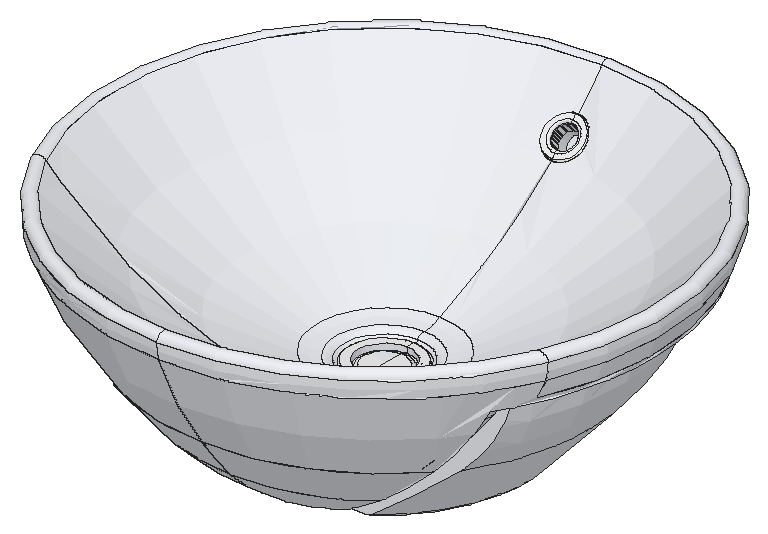
Revit family "Basin-Caroma Leda Vasque Semi-Recessed Vanity", category Plumbing Fixtures, host Face, Revit 2012
Parameters (values of type "Leda Vasque")
  Waste Radius [instance] = 30 mm
  Waste Connection = yes
  Waste = Metal-Chrome-Caroma
  Vent Connection = no
  URL = "www.caroma.com.au"
  Type Comments = "Vitreous China Semi Recessed Vanity Basin"  # constant formula
  PlumbingMaterial_ANZRS = Porcelain-White-Caroma
  Model = "661145"
  Manufacturer = "Caroma"  # constant formula
  HW Connection = no
  Description = "Leda Vasque Semi Recessed Vanity Basin"  # constant formula
  Default Elevation = 1200 mm
  CreatedBy_ANZRS = "Design Content"  # constant formula
  CreatedByURL_ANZRS = "www.designcontent.com.au"
  CW Connection = no
Reference planes
  plane 1 "Center (Front/Back)": y = 0
  plane 2: z = 0
  plane 3 "Center (Left/Right)": x = 0
  plane 4 "Back": y = 215
  plane 5 "Front": y = -215
  plane 6 "Left": x = -215
  plane 7 "Right": x = 215
  plane 8: y = 0
  plane 9 "Top": z = 35.95
  plane 10: z = -120.05
  plane 11 "Wall minimum": y = 250
  plane 12: y = -115
Forms (mm)
  Revolve 1, solid, material "Metal-Chrome-Caroma" <- "Waste", detail levels fine
    sketch origin (0, 0, -31.38) x (0, 1, 0) y (0, 0, 1)
      loop
        line (0, -53.692) -> (12.21, -53.692) -> (21.961, -48.287) -> (21.961, -45.838) -> (27.971, -45.838) -> (27.971, -45.027) -> (26.863, -44.308) -> (20.393, -44.308) -> (20.393, -48.615) -> (12.737, -52.859) -> (12.737, -49.13) -> (18.571, -49.13)
        arc (18.571, -49.13) -> (17.547, -47.846) -> (16.02, -47.244) r 3.183
        arc (16.02, -47.244) -> (8.023, -46.552) -> (0, -46.322) r 139.649
        line (0, -46.322) -> (0, -53.692)
      axis (0, -53.692) -> (0, -44.308)
    angle from 0 to 360
  Revolve 2, solid, material "Metal-Chrome-Caroma" <- "Waste", detail levels fine
    sketch origin (0, 84.414, 32.685) x (0, 0.754708, -0.656061) y (0, 0.656061, 0.754708)
      loop
        line (97.487, 41.46) -> (87.685, 42.837) -> (88.352, 47.581) -> (87.427, 47.711) -> (86.364, 46.864) -> (85.797, 42.83)
        arc (85.797, 42.83) -> (86.18, 41.348) -> (87.499, 40.571) r 2
        line (87.499, 40.571) -> (97.171, 39.212) -> (97.487, 41.46)
      axis (95.888, 30.08) -> (84.235, 31.717)
    angle from 0 to 360
  Revolve 3, void
    sketch origin (0, 92.505, 26.474) x (0, 0.755274, -0.655409) y (0, 0.655409, 0.755274)
      loop
        line (100.679, 36.597) -> (65.698, 41.513) -> (64.415, 32.381) -> (99.395, 27.465) -> (100.679, 36.597)
      axis (99.395, 27.465) -> (64.415, 32.381)
    angle from 0 to 360
  Revolve 4, solid, material "Porcelain-White-Caroma" <- "PlumbingMaterial_ANZRS"
    sketch origin (0, 0, -111.38) x (0, 1, 0) y (0, 0, 1)
      loop
        line (-105.437, -8.671) -> (-68.98, -8.671)
        arc (-68.98, -8.671) -> (-64.737, -6.914) -> (-62.98, -2.671) r 6
        line (-62.98, -2.671) -> (-62.98, 26.524)
        arc (-62.98, 26.524) -> (-61.126, 30.41) -> (-56.94, 31.415) r 5
        line (-56.94, 31.415) -> (-39.499, 27.708)
        arc (-39.499, 27.708) -> (-35.696, 25.378) -> (-34.207, 21.174) r 6.68
        line (-34.207, 21.174) -> (-34.207, -8.671) -> (-22.069, -8.671) -> (-22.069, 27.331) -> (-30.89, 35.925)
        arc (-30.89, 35.925) -> (-33.768, 37.883) -> (-37.143, 38.736) r 10
        arc (-37.143, 38.736) -> (-44.722, 39.837) -> (-52.066, 42.011) r 53.431
        arc (-52.066, 42.011) -> (-134.548, 84.695) -> (-204.756, 145.489) r 394.246
        arc (-204.756, 145.489) -> (-211.055, 147.042) -> (-214.889, 141.807) r 5.83
        arc (-214.889, 141.807) -> (-214.54, 135.398) -> (-212.971, 129.173) r 33.366
        arc (-212.971, 129.173) -> (-210.315, 122.067) -> (-207.455, 115.039) r 264.402
        arc (-207.455, 115.039) -> (-205.244, 112.377) -> (-201.931, 111.38) r 6
        line (-201.931, 111.38) -> (-195.636, 111.38)
        arc (-195.636, 111.38) -> (-193.164, 110.524) -> (-191.749, 108.324) r 4
        arc (-191.749, 108.324) -> (-178.869, 75.042) -> (-157.813, 46.229) r 136.685
        arc (-157.813, 46.229) -> (-133.556, 20.136) -> (-109.988, -6.581) r 1365.699
        arc (-109.988, -6.581) -> (-107.941, -8.124) -> (-105.437, -8.671) r 6
      axis (0, 145.489) -> (0, -8.671)
    angle from 0 to 360
  Revolve 5, solid, material "Porcelain-White-Caroma" <- "PlumbingMaterial_ANZRS"
    sketch origin (0, 1.178, -114.192) x (0, 0.999848, 0.017452) y (0, -0.017452, 0.999848)
      loop
        line (192.8, 115.488) -> (176.44, 83.087) -> (186.57, 77.973)
        arc (186.57, 77.973) -> (192.549, 96.255) -> (192.8, 115.488) r 63.726
      axis (186.57, 77.973) -> (176.44, 83.087)
    angle from 0 to 360
  Revolve 6, solid, material "Porcelain-White-Caroma" <- "PlumbingMaterial_ANZRS"
    sketch origin (0, 0, -111.38) x (0, 1, 0) y (0, 0, 1)
      loop
        line (-104.673, -8.671) -> (-68.98, -8.671)
        arc (-68.98, -8.671) -> (-64.737, -6.914) -> (-62.98, -2.671) r 6
        line (-62.98, -2.671) -> (-62.98, 26.524)
        arc (-62.98, 26.524) -> (-61.126, 30.41) -> (-56.94, 31.415) r 5
        line (-56.94, 31.415) -> (-39.499, 27.708)
        arc (-39.499, 27.708) -> (-35.696, 25.378) -> (-34.207, 21.174) r 6.68
        line (-34.207, 21.174) -> (-34.207, -8.671) -> (-22.069, -8.671) -> (-22.069, 27.331) -> (-30.89, 35.925)
        arc (-30.89, 35.925) -> (-33.768, 37.883) -> (-37.143, 38.736) r 10
        arc (-37.143, 38.736) -> (-44.722, 39.837) -> (-52.066, 42.011) r 53.431
        arc (-52.066, 42.011) -> (-134.548, 84.695) -> (-204.756, 145.489) r 394.246
        arc (-204.756, 145.489) -> (-211.055, 147.042) -> (-214.889, 141.807) r 5.83
        arc (-214.889, 141.807) -> (-214.54, 135.398) -> (-212.971, 129.173) r 33.366
        arc (-212.971, 129.173) -> (-195.818, 91.023) -> (-172.863, 56.055) r 264.402
        arc (-172.863, 56.055) -> (-159.162, 38.829) -> (-145.055, 21.933) r 928.11
        arc (-145.055, 21.933) -> (-127.686, 5.169) -> (-107.449, -7.99) r 126.466
        arc (-107.449, -7.99) -> (-106.102, -8.498) -> (-104.673, -8.671) r 6
      axis (0, 145.489) -> (0, -8.671)
    angle from 0 to 360
  Extrusion 7, void
    sketch origin (0, 0, 0) x (0, 1, 0) y (0, 0, 1)
      loop
        line (250, 0) -> (-90, 0) -> (-90, -120.05) -> (250, -120.05) -> (250, 0)
    from -300 to 300
  Extrusion 8, void
    sketch origin (0, 0, 0) x (0, 1, 0) y (0, 0, 1)
      loop
        line (-90, 54.95) -> (-228.126, 54.95) -> (-228.126, -120.05) -> (-90, -120.05) -> (-90, 54.95)
    from -300 to 300
  Extrusion 9, void
    sketch origin (0, 0, 0) x (1, 0, 0) y (0, 0, 1)
      loop
        line (-215, 0) -> (-215, -120.05) -> (215, -120.05) -> (215, 0) -> (167.382, 0)
        arc (167.382, 0) -> (160.459, -9.24) -> (153.93, -18.762) r 274.761
        arc (153.93, -18.762) -> (138.487, -38.869) -> (120.213, -56.442) r 169.193
        arc (120.213, -56.442) -> (94.932, -75.258) -> (67.866, -91.4) r 308.97
        arc (67.866, -91.4) -> (52.553, -97.667) -> (36.31, -100.821) r 84.269
        arc (36.31, -100.821) -> (18.175, -102.093) -> (0, -102.518) r 389.189
        arc (0, -102.518) -> (-18.175, -102.093) -> (-36.31, -100.821) r 389.189
        arc (-36.31, -100.821) -> (-52.553, -97.667) -> (-67.866, -91.4) r 84.269
        arc (-67.866, -91.4) -> (-94.932, -75.258) -> (-120.213, -56.442) r 308.97
        arc (-120.213, -56.442) -> (-138.487, -38.869) -> (-153.93, -18.762) r 169.193
        arc (-153.93, -18.762) -> (-160.459, -9.24) -> (-167.382, 0) r 274.761
        line (-167.382, 0) -> (-215, 0)
    from 115 to 90
  Revolve 10, void
    sketch origin (0, 0, 0) x (0, 1, 0) y (0, 0, 1)
      loop
        line (-34.207, -86.088) -> (-34.207, -120.05) -> (0, -120.05) -> (0, 0) -> (-184.682, 0)
        arc (-184.682, 0) -> (-114.114, -51.205) -> (-34.207, -86.088) r 404.246
      axis (0, -120.05) -> (0, 0)
    angle from 0 to 360
Cuts and joins
  Revolve 3, Extrusion 8 cuts Revolve 4
  Revolve 3, Extrusion 7, Extrusion 9 cuts Revolve 6
  joined: Revolve 4, Revolve 5, Revolve 6
Lines and regions (mm)
  Masking region 1
    outline origin (0, 0, 0) x (1, 0, 0) y (0, 1, 0)
      loop
        circle (0, 0) r 215
  Masking region 2
    outline origin (0, 0, -111.38) x (0, 1, 0) y (0, 0, 1)
      loop
        arc (214.666, 140.972) -> (213.044, 145.444) -> (208.677, 147.329) r 6
        line (208.677, 147.329) -> (-208.918, 147.329)
        arc (-208.918, 147.329) -> (-212.956, 145.767) -> (-214.891, 141.894) r 6
        arc (-214.891, 141.894) -> (-214.813, 136.257) -> (-213.527, 130.769) r 26.112
        arc (-213.527, 130.769) -> (-188.333, 76.777) -> (-153.085, 28.742) r 303.772
        arc (-153.085, 28.742) -> (-138.064, 14.351) -> (-121.047, 2.386) r 137.779
        arc (-121.047, 2.386) -> (-117.024, 2.344) -> (-115, 5.822) r 4
        line (-115, 5.822) -> (-115, 111.38) -> (201.56, 111.38)
        arc (201.56, 111.38) -> (210.786, 124.992) -> (214.666, 140.972) r 46.254
  Masking region 3
    outline origin (0, 0, -111.38) x (1, 0, 0) y (0, 0, 1)
      loop
        arc (-208.953, 147.38) -> (-212.999, 145.81) -> (-214.929, 141.922) r 6
        arc (-214.929, 141.922) -> (-214.843, 136.532) -> (-213.62, 131.281) r 25.363
        arc (-213.62, 131.281) -> (-209.925, 121.261) -> (-205.872, 111.38) r 297.597
        line (-205.872, 111.38) -> (-170.872, 111.38)
        arc (-170.872, 111.38) -> (0, -3.714) -> (170.872, 111.38) r 184.389
        line (170.872, 111.38) -> (205.872, 111.38)
        arc (205.872, 111.38) -> (209.925, 121.261) -> (213.62, 131.281) r 297.597
        arc (213.62, 131.281) -> (214.843, 136.532) -> (214.929, 141.922) r 25.363
        arc (214.929, 141.922) -> (212.999, 145.81) -> (208.953, 147.38) r 6
        line (208.953, 147.38) -> (-208.953, 147.38)
  symbolic lines
    curve 1: circle (0, 0, 0) r 35 normal (0, 0, 1)
    curve 2: circle (0, 0, 0) r 22.001 normal (0, 0, 1)
    curve 3: circle (0, 0, 0) r 195 normal (0, 0, 1)
    curve 4: spline (13.262, 175.27, 0) -> (12.81, 172.945, 0) -> (11.485, 170.778, 0) -> (9.378, 168.917, 0) -> (6.631, 167.489, 0) -> (3.433, 166.592, 0) -> (0, 166.286, 0) -> (-3.433, 166.592, 0) -> (-6.631, 167.489, 0) -> (-9.378, 168.917, 0) -> (-11.485, 170.778, 0) -> (-12.81, 172.945, 0) -> (-13.262, 175.27, 0) -> (-12.81, 177.595, 0) -> (-11.485, 179.762, 0) -> (-9.378, 181.623, 0) -> (-6.631, 183.05, 0) -> (-3.433, 183.948, 0) -> (0, 184.254, 0) -> (3.433, 183.948, 0) -> (6.631, 183.05, 0) -> (9.378, 181.623, 0) -> (11.485, 179.762, 0) -> (12.81, 177.595, 0) -> (13.262, 175.27, 0)
  symbolic lines, style "PlumbingFixturesHiddenLines"
    curve 5: line (0, -115, -102.518) -> (0, -90.881, -102.518)
    curve 6: line (0, -90.881, -102.518) -> (0, -88.417, -120.05)
    curve 7: line (0, -88.417, -120.05) -> (0, 108.414, -120.05)
    curve 8: line (0, 108.414, -120.05) -> (0, 119.042, -105.947)
    curve 9: arc (0, 119.042, -105.947) -> (0, 138.054, -82.466) -> (0, 158.653, -60.365) r 433.809
    curve 10: arc (0, 158.653, -60.365) -> (0, 167.187, -52.585) -> (0, 176.406, -45.632) r 124.212
    curve 11: arc (0, 176.406, -45.632) -> (0, 185.603, -35.33) -> (0, 188.943, -21.931) r 28.781
    curve 12: arc (0, 188.943, -21.931) -> (0, 189.517, -10.909) -> (0, 191.189, 0) r 110.353
Dimensions and locks
  equal spacing: plane 6 "Left", plane 3 "Center (Left/Right)", plane 7 "Right"
  plane 6 "Left" to plane 7 "Right" = 430 mm
  equal spacing: plane 4 "Back", plane 1 "Center (Front/Back)", plane 5 "Front"
  plane 5 "Front" to plane 4 "Back" = 430 mm
  plane 9 "Top" to plane 10 = 156 mm
  aligned and locked: plane 2 to host face
  aligned and locked: level to host face
Automatic sketch dimensions
  host sketch curve to host sketch curve = 2438.4 mm  (x2)
  Revolve 1 sketch curve to plane 8 = 0 mm  (x2)
  Revolve 1 sketch curve to Revolve 1 sketch curve = 12.21 mm
  Revolve 1 sketch curve to Revolve 1 sketch curve = 0.528 mm
  Revolve 1 sketch curve to Revolve 1 sketch curve = 2.918 mm
  Revolve 1 sketch curve to Revolve 1 sketch curve = 0.365 mm
  Revolve 1 sketch curve to Revolve 1 sketch curve = 0 mm  (x3)
  Revolve 1 sketch curve to Revolve 1 sketch curve = 2.551 mm
  Revolve 1 sketch curve to Revolve 1 sketch curve = 1.822 mm
  Revolve 1 sketch curve to Revolve 1 sketch curve = 1.568 mm
  Revolve 1 sketch curve to Revolve 1 sketch curve = 4.902 mm
  Revolve 1 sketch curve to Revolve 1 sketch curve = 1.107 mm
  Revolve 1 sketch curve to level = 217.351 mm
  Revolve 1 sketch curve to level = 85.072 mm
  Revolve 1 sketch curve to Revolve 1 sketch curve = 0.833 mm
  Revolve 1 sketch curve to Revolve 1 sketch curve = 2.453 mm
  Revolve 1 sketch curve to Revolve 1 sketch curve = 0.515 mm
  Revolve 1 sketch curve to Revolve 1 sketch curve = 0.328 mm
  Revolve 1 sketch curve to Revolve 1 sketch curve = 2.449 mm
  Revolve 1 sketch curve to Revolve 1 sketch curve = 0.811 mm
  Revolve 1 sketch curve to Revolve 1 sketch curve = 0.719 mm
  plane 1 "Center (Front/Back)" to Masking region 1 sketch curve = 0 mm
  Masking region 1 sketch curve to plane 3 "Center (Left/Right)" = 0 mm
  curve 1 to curve 2 = 0 mm  (x2)
  curve 1 to curve 3 = 0 mm  (x2)
  curve 2 to curve 3 = 0 mm  (x2)
  plane 1 "Center (Front/Back)" to curve 2 = 0 mm
  curve 2 to plane 3 "Center (Left/Right)" = 0 mm
  curve 4 to plane 3 "Center (Left/Right)" = 0 mm
  plane 3 "Center (Left/Right)" to curve 4 = 13.262 mm
  curve 4 to plane 4 "Back" = 39.73 mm
  plane 10 to Revolve 6 sketch curve = 0 mm  (x2)
  Revolve 6 sketch curve to plane 1 "Center (Front/Back)" = 0 mm
  Revolve 6 sketch curve to plane 9 "Top" = 0 mm
  plane 1 "Center (Front/Back)" to Revolve 6 sketch curve = 22.069 mm
  Revolve 6 sketch curve to Revolve 6 sketch curve = 8.821 mm
  plane 1 "Center (Front/Back)" to Revolve 6 sketch curve = 33.269 mm
  Revolve 6 sketch curve to Revolve 6 sketch curve = 12.138 mm
  Revolve 6 sketch curve to Revolve 6 sketch curve = 6.253 mm
  Revolve 6 sketch curve to Revolve 6 sketch curve = 0 mm  (x7)
  Revolve 6 sketch curve to Revolve 6 sketch curve = 3.661 mm
  Revolve 6 sketch curve to Revolve 6 sketch curve = 1.63 mm
  Revolve 6 sketch curve to Revolve 6 sketch curve = 1.389 mm
  Revolve 6 sketch curve to level = 7.25 mm
  Revolve 6 sketch curve to Revolve 6 sketch curve = 15.674 mm
  Revolve 6 sketch curve to Revolve 6 sketch curve = 14.923 mm
  Revolve 6 sketch curve to Revolve 6 sketch curve = 4.874 mm
  Revolve 6 sketch curve to Revolve 6 sketch curve = 1.04 mm
  Revolve 6 sketch curve to Revolve 6 sketch curve = 5 mm
  Revolve 6 sketch curve to Revolve 6 sketch curve = 6 mm
  Revolve 6 sketch curve to plane 12 = 10.327 mm
  Revolve 6 sketch curve to plane 10 = 0.681 mm
  Revolve 6 sketch curve to Revolve 6 sketch curve = 2.776 mm
  plane 12 to Revolve 6 sketch curve = 30.055 mm
  Revolve 6 sketch curve to plane 5 "Front" = 42.137 mm
  Revolve 6 sketch curve to plane 9 "Top" = 6.923 mm
  Revolve 6 sketch curve to plane 5 "Front" = 33.448 mm
  Revolve 6 sketch curve to plane 9 "Top" = 1.84 mm
  Revolve 6 sketch curve to plane 5 "Front" = 10.244 mm
  Revolve 6 sketch curve to plane 9 "Top" = 5.767 mm
  Revolve 6 sketch curve to Revolve 6 sketch curve = 4.309 mm
  Revolve 6 sketch curve to Revolve 6 sketch curve = 1.918 mm
  Revolve 6 sketch curve to plane 1 "Center (Front/Back)" = 86.629 mm
  plane 10 to Revolve 6 sketch curve = 14 mm
  Revolve 6 sketch curve to Revolve 6 sketch curve = 7.589 mm
  Revolve 6 sketch curve to Revolve 6 sketch curve = 15.486 mm
  Revolve 6 sketch curve to Revolve 6 sketch curve = 8.594 mm
  Extrusion 7 sketch curve to level = 0 mm
  Extrusion 7 sketch curve to plane 12 = 25 mm
  plane 10 to Extrusion 7 sketch curve = 0 mm
  Extrusion 7 sketch curve to plane 11 "Wall minimum" = 0 mm
  Revolve 4 sketch curve to level = 0 mm
  plane 10 to Revolve 4 sketch curve = 0 mm  (x2)
  Revolve 4 sketch curve to plane 1 "Center (Front/Back)" = 0 mm
  Revolve 4 sketch curve to plane 9 "Top" = 0 mm
  plane 1 "Center (Front/Back)" to Revolve 4 sketch curve = 22.069 mm
  Revolve 4 sketch curve to Revolve 4 sketch curve = 8.821 mm
  plane 1 "Center (Front/Back)" to Revolve 4 sketch curve = 33.269 mm
  Revolve 4 sketch curve to Revolve 4 sketch curve = 12.138 mm
  Revolve 4 sketch curve to Revolve 4 sketch curve = 6.253 mm
  Revolve 4 sketch curve to Revolve 4 sketch curve = 0 mm  (x9)
  Revolve 4 sketch curve to Revolve 4 sketch curve = 3.661 mm
  Revolve 4 sketch curve to Revolve 4 sketch curve = 1.63 mm
  Revolve 4 sketch curve to Revolve 4 sketch curve = 1.389 mm
  Revolve 4 sketch curve to Revolve 4 sketch curve = 14.923 mm
  Revolve 4 sketch curve to Revolve 4 sketch curve = 4.874 mm
  Revolve 4 sketch curve to Revolve 4 sketch curve = 1.04 mm
  Revolve 4 sketch curve to plane 9 "Top" = 6.737 mm
  Revolve 4 sketch curve to Revolve 4 sketch curve = 25.658 mm
  Revolve 4 sketch curve to Revolve 4 sketch curve = 5 mm
  Revolve 4 sketch curve to Revolve 4 sketch curve = 6 mm
  Revolve 4 sketch curve to plane 12 = 9.563 mm
  Revolve 4 sketch curve to plane 10 = 2.09 mm
  Revolve 4 sketch curve to Revolve 4 sketch curve = 4.551 mm
  Revolve 4 sketch curve to level = 65.151 mm
  Revolve 4 sketch curve to plane 9 "Top" = 6.923 mm
  Revolve 4 sketch curve to plane 5 "Front" = 33.448 mm
  Revolve 4 sketch curve to level = 3.056 mm
  Revolve 4 sketch curve to Revolve 4 sketch curve = 6.294 mm
  Revolve 4 sketch curve to plane 9 "Top" = 1.84 mm
  Revolve 4 sketch curve to plane 5 "Front" = 10.244 mm
  Revolve 4 sketch curve to Revolve 4 sketch curve = 5.525 mm
  Revolve 4 sketch curve to plane 9 "Top" = 5.767 mm
  Revolve 4 sketch curve to Revolve 4 sketch curve = 4.309 mm
  Revolve 4 sketch curve to Revolve 4 sketch curve = 1.918 mm
  Revolve 4 sketch curve to plane 1 "Center (Front/Back)" = 86.629 mm
  plane 10 to Revolve 4 sketch curve = 14 mm
  Revolve 4 sketch curve to Revolve 4 sketch curve = 7.589 mm
  Revolve 4 sketch curve to Revolve 4 sketch curve = 15.486 mm
  Revolve 4 sketch curve to Revolve 4 sketch curve = 8.594 mm
  plane 10 to Extrusion 8 sketch curve = 0 mm
  Extrusion 8 sketch curve to plane 12 = 25 mm
  plane 5 "Front" to Extrusion 8 sketch curve = 13.126 mm
  plane 9 "Top" to Extrusion 8 sketch curve = 19 mm
  Revolve 5 sketch curve to level = 5.25 mm
  Revolve 5 sketch curve to plane 4 "Back" = 86.02 mm
  Revolve 5 sketch curve to Revolve 5 sketch curve = 40.94 mm
  Revolve 5 sketch curve to Revolve 5 sketch curve = 5.817 mm
  Revolve 5 sketch curve to Revolve 5 sketch curve = 10.129 mm
  Revolve 5 sketch curve to Revolve 5 sketch curve = 0 mm  (x2)
  Revolve 5 sketch curve to Revolve 5 sketch curve = 16.359 mm
  Revolve 5 sketch curve to Revolve 5 sketch curve = 20.671 mm
  Revolve 5 sketch curve to Revolve 5 sketch curve = 2.937 mm
  level to Revolve 2 sketch curve = 0.475 mm
  Revolve 2 sketch curve to plane 4 "Back" = 45.436 mm
  Revolve 2 sketch curve to Revolve 2 sketch curve = 0.402 mm
  Revolve 2 sketch curve to Revolve 2 sketch curve = 0.567 mm
  Revolve 2 sketch curve to Revolve 2 sketch curve = 1.063 mm
  Revolve 2 sketch curve to Revolve 2 sketch curve = 1.702 mm
  Revolve 2 sketch curve to Revolve 2 sketch curve = 1.888 mm
  Revolve 2 sketch curve to Revolve 2 sketch curve = 0.092 mm
  Revolve 2 sketch curve to Revolve 2 sketch curve = 0.925 mm
  Revolve 2 sketch curve to Revolve 2 sketch curve = 8.987 mm
  Revolve 2 sketch curve to Revolve 2 sketch curve = 2.789 mm
  Revolve 2 sketch curve to Revolve 2 sketch curve = 0.316 mm
  Revolve 2 sketch curve to Revolve 2 sketch curve = 1.263 mm
  Revolve 2 sketch curve to Revolve 2 sketch curve = 8.92 mm
  Revolve 2 sketch curve to Revolve 2 sketch curve = 9.017 mm
  Revolve 2 sketch curve to Revolve 2 sketch curve = 0.286 mm
  Revolve 2 sketch curve to Revolve 2 sketch curve = 0.847 mm
  level to Revolve 3 sketch curve = 8.713 mm
  Revolve 3 sketch curve to plane 4 "Back" = 52.621 mm
  Revolve 3 sketch curve to Revolve 3 sketch curve = 1.283 mm
  Revolve 3 sketch curve to Revolve 3 sketch curve = 5.867 mm
  Revolve 3 sketch curve to Revolve 3 sketch curve = 8.987 mm
  Revolve 3 sketch curve to Revolve 3 sketch curve = 20.126 mm
  Revolve 3 sketch curve to Revolve 3 sketch curve = 0.825 mm
  Revolve 3 sketch curve to Revolve 3 sketch curve = 1.263 mm
  Revolve 3 sketch curve to Revolve 3 sketch curve = 2.829 mm
  Extrusion 9 sketch curve to Extrusion 9 sketch curve = 0 mm  (x9)
  plane 6 "Left" to Extrusion 9 sketch curve = 0 mm
  Extrusion 9 sketch curve to level = 0 mm  (x2)
  Extrusion 9 sketch curve to plane 3 "Center (Left/Right)" = 0 mm
  Extrusion 9 sketch curve to plane 7 "Right" = 0 mm
  Extrusion 9 sketch curve to plane 10 = 0 mm
  plane 10 to Extrusion 9 sketch curve = 49.282 mm
  plane 6 "Left" to Extrusion 9 sketch curve = 168.761 mm
  Extrusion 9 sketch curve to plane 6 "Left" = 47.618 mm
  Extrusion 9 sketch curve to Extrusion 9 sketch curve = 13.451 mm  (x2)
  Extrusion 9 sketch curve to Extrusion 9 sketch curve = 33.718 mm
  Extrusion 9 sketch curve to plane 3 "Center (Left/Right)" = 76.66 mm
  Extrusion 9 sketch curve to plane 10 = 28.65 mm
  Extrusion 9 sketch curve to Extrusion 9 sketch curve = 52.346 mm  (x2)
  Extrusion 9 sketch curve to plane 10 = 19.23 mm
  Extrusion 9 sketch curve to Extrusion 9 sketch curve = 31.556 mm  (x2)
  Extrusion 9 sketch curve to level = 16.919 mm  (x2)
  plane 3 "Center (Left/Right)" to Extrusion 9 sketch curve = 12.404 mm
  plane 3 "Center (Left/Right)" to Extrusion 9 sketch curve = 28.448 mm
  Extrusion 9 sketch curve to level = 18.762 mm
  Revolve 10 sketch curve to level = 0 mm
  plane 10 to Revolve 10 sketch curve = 0 mm  (x2)
  Revolve 10 sketch curve to plane 1 "Center (Front/Back)" = 0 mm  (x2)
  plane 1 "Center (Front/Back)" to Revolve 10 sketch curve = 34.207 mm
  Revolve 10 sketch curve to plane 5 "Front" = 30.318 mm
  Revolve 10 sketch curve to plane 1 "Center (Front/Back)" = 86.629 mm
  Revolve 10 sketch curve to Revolve 10 sketch curve = 33.962 mm
  level to Revolve 10 sketch curve = 1.14 mm
  Masking region 3 sketch curve to level = 0 mm  (x2)
  Masking region 3 sketch curve to plane 3 "Center (Left/Right)" = 0 mm
  Masking region 3 sketch curve to plane 3 "Center (Left/Right)" = 67.399 mm
  Masking region 3 sketch curve to plane 6 "Left" = 44.128 mm
  Masking region 3 sketch curve to plane 9 "Top" = 7.701 mm  (x2)
  Masking region 3 sketch curve to plane 6 "Left" = 25.33 mm
  Masking region 3 sketch curve to plane 6 "Left" = 9.128 mm
  plane 9 "Top" to Masking region 3 sketch curve = 0.05 mm
  Masking region 3 sketch curve to plane 6 "Left" = 6.047 mm
  Masking region 3 sketch curve to plane 6 "Left" = 1.38 mm
  Masking region 3 sketch curve to Masking region 3 sketch curve = 0 mm  (x3)
  Masking region 3 sketch curve to plane 6 "Left" = 0.071 mm
  Masking region 3 sketch curve to plane 7 "Right" = 25.33 mm
  Masking region 3 sketch curve to plane 7 "Right" = 9.128 mm
  Masking region 3 sketch curve to plane 7 "Right" = 6.047 mm
  Masking region 3 sketch curve to Masking region 3 sketch curve = 4.667 mm
  Masking region 3 sketch curve to plane 7 "Right" = 0.071 mm
  plane 9 "Top" to Masking region 3 sketch curve = 33.346 mm
  Masking region 2 sketch curve to plane 9 "Top" = 0 mm
  Masking region 2 sketch curve to level = 0 mm
  Masking region 2 sketch curve to plane 12 = 0 mm
  Masking region 2 sketch curve to Masking region 2 sketch curve = 4 mm
  Masking region 2 sketch curve to Masking region 2 sketch curve = 2.047 mm
  Masking region 2 sketch curve to Masking region 2 sketch curve = 0 mm  (x4)
  plane 12 to Masking region 2 sketch curve = 38.085 mm
  Masking region 2 sketch curve to plane 9 "Top" = 7.892 mm
  Masking region 2 sketch curve to plane 5 "Front" = 26.105 mm
  Masking region 2 sketch curve to plane 5 "Front" = 6.082 mm
  Masking region 2 sketch curve to plane 5 "Front" = 1.473 mm
  Masking region 2 sketch curve to plane 5 "Front" = 0.109 mm
  level to Masking region 2 sketch curve = 9.372 mm
  Masking region 2 sketch curve to plane 9 "Top" = 3.606 mm
  Masking region 2 sketch curve to plane 4 "Back" = 46.506 mm
  Masking region 2 sketch curve to plane 4 "Back" = 13.44 mm
  Masking region 2 sketch curve to plane 4 "Back" = 6.323 mm
  Masking region 2 sketch curve to plane 4 "Back" = 0.334 mm
  curve 5 to plane 12 = 0 mm
  plane 10 to curve 7 = 0 mm
  curve 12 to level = 0 mm
  curve 5 to curve 6 = 24.119 mm
  curve 5 to curve 7 = 2.464 mm
  curve 7 to plane 4 "Back" = 106.586 mm
  curve 7 to curve 9 = 10.628 mm
  curve 10 to plane 4 "Back" = 56.347 mm
  curve 9 to curve 10 = 0 mm
  curve 9 to curve 11 = 1.509 mm
  curve 9 to curve 10 = 17.753 mm
  curve 11 to curve 10 = 0 mm
  curve 11 to level = 21.931 mm
  curve 10 to curve 11 = 12.537 mm
  curve 12 to curve 11 = 0 mm
  curve 12 to curve 12 = 2.246 mm
  curve 10 to plane 11 "Wall minimum" = 3.488 mm
  curve 12 to level = 22.151 mm
  plane 11 "Wall minimum" to curve 9 = 215.498 mm
  curve 5 to plane 10 = 17.532 mm
  radius of Masking region 1 sketch curve = 215 mm
  radius of curve 1 = 35 mm
  radius of curve 2 = 22.001 mm
  radius of curve 3 = 195 mm
Connectors
  piping at (0, 0, -120.05), driven by "Waste Radius"
    settings: on cut or joined group of Revolve 3, Revolve 4, Revolve 5, Revolve 6, Extrusion 7, Extrusion 8, Extrusion 9, index 1, connector radius 1.1811", flow factor 0, pipe flow 0 GPM, pressure drop 0.00 psi, fitting loss kfactor 0, connector angle 0.00°, fixture units 0, engagement length 0 mm, flow configuration 2, flow direction 2, fitting loss method 0, system type 16, joint type 0, gender type 0, connector reference index -1, connector utility 0, adjustable connector no, is connector primary yes, fitting loss table "", connector description ""
